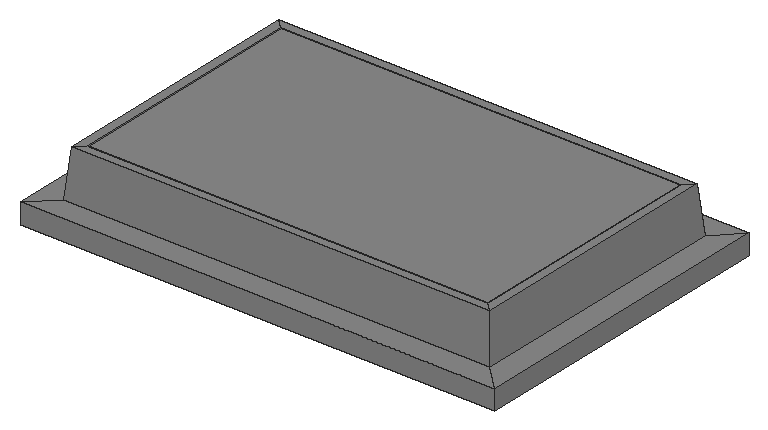
Revit family
Parameters (values of type "900 x 600mm")
  길이 = 900 mm
  폭 = 600 mm
Types (3, lengths in mm): name | 길이 | 폭
  (no name) | 900 | 600
  900 x 600mm | 900 | 600
  1200 x 900mm | 1200 | 900
Reference planes
  plane 1 "중심(앞/뒤)": y = 0
  plane 2: z = 0
  plane 3 "중심(왼쪽/오른쪽)": x = 0
  plane 4: y = 228.563
  plane 5: y = -228.562
  plane 6: y = 300
  plane 7: y = -300
  plane 8: x = -450
  plane 9: x = 450
  plane 10: x = -378.562
  plane 11: x = 378.563
  plane 12: x = 353.563
  plane 13: x = 25.4
  plane 14: x = -25.4
  plane 15: x = -353.562
  plane 16: y = 177.771
  plane 17: y = 126.979
  plane 18: y = 76.188
  plane 19: y = 25.396
  plane 20: y = -25.396
  plane 21: y = -76.187
  plane 22: y = -126.979
  plane 23: y = -177.771
  plane 24: y = -228.562
  plane 25: y = 228.562
Forms (mm)
  Sweep 1, solid, material "금속 - 페인트 마감 - 진회색, 무광"
    path origin (0, 0, 0) x (1, 0, 0) y (0, 1, 0)
      loop
        line (-450, 300) -> (-450, -300) -> (450, -300) -> (450, 300) -> (-450, 300)
    profile origin (0, 0, 0) x (0, 1, 0) y (0, 0, 1)
      loop
        line (300, 0) -> (300, 38.1) -> (253.803, 38.1) -> (246.025, 127) -> (228.563, 127) -> (228.563, 0) -> (300, 0)
  Extrusion 2, solid, material "금속 - 페인트 마감 - 진회색, 무광"
    sketch origin (378.563, -228.562, 127) x (-1, 0, 0) y (0, -1, 0)
      loop
        line (757.125, -457.125) -> (757.125, 0) -> (0, 0) -> (0, -457.125) -> (757.125, -457.125)
    from 0 to -44.45
Lines and regions (mm)
  model lines, style "유틸리티"
    curve 1: line (-353.562, 191.741, 127) -> (-25.4, 191.741, 127)
    curve 2: line (-353.562, 163.801, 127) -> (-353.562, 191.741, 127)
    curve 3: line (-25.4, 163.801, 127) -> (-353.562, 163.801, 127)
    curve 4: line (-25.4, 191.741, 127) -> (-25.4, 163.801, 127)
    curve 5: line (-353.562, 140.949, 127) -> (-25.4, 140.949, 127)
    curve 6: line (-353.562, 113.009, 127) -> (-353.562, 140.949, 127)
    curve 7: line (-25.4, 113.009, 127) -> (-353.562, 113.009, 127)
    curve 8: line (-25.4, 140.949, 127) -> (-25.4, 113.009, 127)
    curve 9: line (-353.562, 90.158, 127) -> (-25.4, 90.158, 127)
    curve 10: line (-353.562, 62.218, 127) -> (-353.562, 90.158, 127)
    curve 11: line (-25.4, 62.218, 127) -> (-353.562, 62.218, 127)
    curve 12: line (-25.4, 90.158, 127) -> (-25.4, 62.218, 127)
    curve 13: line (-353.562, 39.366, 127) -> (-25.4, 39.366, 127)
    curve 14: line (-353.562, 11.426, 127) -> (-353.562, 39.366, 127)
    curve 15: line (-25.4, 11.426, 127) -> (-353.562, 11.426, 127)
    curve 16: line (-25.4, 39.366, 127) -> (-25.4, 11.426, 127)
    curve 17: line (-353.562, -11.426, 127) -> (-25.4, -11.426, 127)
    curve 18: line (-353.562, -39.366, 127) -> (-353.562, -11.426, 127)
    curve 19: line (-25.4, -39.366, 127) -> (-353.562, -39.366, 127)
    curve 20: line (-25.4, -11.426, 127) -> (-25.4, -39.366, 127)
    curve 21: line (-353.562, -62.217, 127) -> (-25.4, -62.217, 127)
    curve 22: line (-353.562, -90.157, 127) -> (-353.562, -62.217, 127)
    curve 23: line (-25.4, -90.157, 127) -> (-353.562, -90.157, 127)
    curve 24: line (-25.4, -62.217, 127) -> (-25.4, -90.157, 127)
    curve 25: line (-353.562, -113.009, 127) -> (-25.4, -113.009, 127)
    curve 26: line (-353.562, -140.949, 127) -> (-353.562, -113.009, 127)
    curve 27: line (-25.4, -140.949, 127) -> (-353.562, -140.949, 127)
    curve 28: line (-25.4, -113.009, 127) -> (-25.4, -140.949, 127)
    curve 29: line (-353.562, -163.801, 127) -> (-25.4, -163.801, 127)
    curve 30: line (-353.562, -191.741, 127) -> (-353.562, -163.801, 127)
    curve 31: line (-25.4, -191.741, 127) -> (-353.562, -191.741, 127)
    curve 32: line (-25.4, -163.801, 127) -> (-25.4, -191.741, 127)
    curve 33: line (25.4, 191.741, 127) -> (353.563, 191.741, 127)
    curve 34: line (25.4, 163.801, 127) -> (25.4, 191.741, 127)
    curve 35: line (353.563, 163.801, 127) -> (25.4, 163.801, 127)
    curve 36: line (353.563, 191.741, 127) -> (353.563, 163.801, 127)
    curve 37: line (25.4, 140.949, 127) -> (353.563, 140.949, 127)
    curve 38: line (25.4, 113.009, 127) -> (25.4, 140.949, 127)
    curve 39: line (353.563, 113.009, 127) -> (25.4, 113.009, 127)
    curve 40: line (353.563, 140.949, 127) -> (353.563, 113.009, 127)
    curve 41: line (25.4, 90.158, 127) -> (353.563, 90.158, 127)
    curve 42: line (25.4, 62.218, 127) -> (25.4, 90.158, 127)
    curve 43: line (353.563, 62.218, 127) -> (25.4, 62.218, 127)
    curve 44: line (353.563, 90.158, 127) -> (353.563, 62.218, 127)
    curve 45: line (25.4, 39.366, 127) -> (353.563, 39.366, 127)
    curve 46: line (25.4, 11.426, 127) -> (25.4, 39.366, 127)
    curve 47: line (353.563, 11.426, 127) -> (25.4, 11.426, 127)
    curve 48: line (353.563, 39.366, 127) -> (353.563, 11.426, 127)
    curve 49: line (25.4, -11.426, 127) -> (353.563, -11.426, 127)
    curve 50: line (25.4, -39.366, 127) -> (25.4, -11.426, 127)
    curve 51: line (353.563, -39.366, 127) -> (25.4, -39.366, 127)
    curve 52: line (353.563, -11.426, 127) -> (353.563, -39.366, 127)
    curve 53: line (25.4, -62.217, 127) -> (353.563, -62.217, 127)
    curve 54: line (25.4, -90.157, 127) -> (25.4, -62.217, 127)
    curve 55: line (353.563, -90.157, 127) -> (25.4, -90.157, 127)
    curve 56: line (353.563, -62.217, 127) -> (353.563, -90.157, 127)
    curve 57: line (25.4, -113.009, 127) -> (353.563, -113.009, 127)
    curve 58: line (25.4, -140.949, 127) -> (25.4, -113.009, 127)
    curve 59: line (353.563, -140.949, 127) -> (25.4, -140.949, 127)
    curve 60: line (353.563, -113.009, 127) -> (353.563, -140.949, 127)
    curve 61: line (25.4, -163.801, 127) -> (353.563, -163.801, 127)
    curve 62: line (25.4, -191.741, 127) -> (25.4, -163.801, 127)
    curve 63: line (353.563, -191.741, 127) -> (25.4, -191.741, 127)
    curve 64: line (353.563, -163.801, 127) -> (353.563, -191.741, 127)
Dimensions and locks
  equal spacing: Sweep 1 sketch curve, plane 3 "중심(왼쪽/오른쪽)", Sweep 1 sketch curve
  "길이": Sweep 1 sketch curve to Sweep 1 sketch curve
  equal spacing: Sweep 1 sketch curve, plane 1 "중심(앞/뒤)", Sweep 1 sketch curve
  "폭": Sweep 1 sketch curve to Sweep 1 sketch curve
  equal spacing: plane 6, plane 1 "중심(앞/뒤)", plane 7
  "폭": plane 6 to plane 7
  locked: plane 6 to plane 4 at 71.437
  locked: plane 5 to plane 7 at 71.438
  "길이": plane 8 to plane 9
  equal spacing: plane 8, plane 3 "중심(왼쪽/오른쪽)", plane 9
  locked: plane 8 to plane 10 at 71.438
  locked: plane 11 to plane 9 at 71.437
  locked: plane 10 to plane 15 at 25
  plane 14 to plane 3 "중심(왼쪽/오른쪽)" to plane 13 = 25.4 mm locked, 25.4 mm locked
  locked: plane 12 to plane 11 at 25
  locked: plane 6 to plane 25 at 71.438
  locked: plane 24 to plane 7 at 71.438
  equal spacing: plane 25, plane 16, plane 17, plane 18, plane 19, plane 20, plane 21, plane 22, plane 23, plane 24
  curve 35 to plane 16 to curve 33 = 13.97 mm, 13.97 mm
  curve 39 to plane 17 to curve 37 = 13.97 mm, 13.97 mm
  curve 43 to plane 18 to curve 41 = 13.97 mm, 13.97 mm
  curve 47 to plane 19 to curve 45 = 13.97 mm, 13.97 mm
  curve 51 to plane 20 to curve 49 = 13.97 mm, 13.97 mm
  curve 55 to plane 21 to curve 53 = 13.97 mm, 13.97 mm
  curve 59 to plane 22 to curve 57 = 13.97 mm, 13.97 mm
  curve 63 to plane 23 to curve 61 = 13.97 mm, 13.97 mm
  curve 3 to plane 16 to curve 1 = 13.97 mm, 13.97 mm
  curve 7 to plane 17 to curve 5 = 13.97 mm, 13.97 mm
  curve 11 to plane 18 to curve 9 = 13.97 mm, 13.97 mm
  curve 15 to plane 19 to curve 13 = 13.97 mm, 13.97 mm
  curve 19 to plane 20 to curve 17 = 13.97 mm, 13.97 mm
  curve 23 to plane 21 to curve 21 = 13.97 mm, 13.97 mm
  curve 27 to plane 22 to curve 25 = 13.97 mm, 13.97 mm
  curve 31 to plane 23 to curve 29 = 13.97 mm, 13.97 mm
  aligned and locked: plane 4 to Sweep 1
  aligned and locked: plane 5 to Sweep 1
  aligned and locked: Extrusion 2 sketch curve to Sweep 1  (x2)
  aligned and locked: curve 36 to plane 12
  aligned and locked: curve 40 to plane 12
  aligned and locked: curve 44 to plane 12
  aligned and locked: curve 48 to plane 12
  aligned and locked: curve 52 to plane 12
  aligned and locked: curve 56 to plane 12
Automatic sketch dimensions
  Sweep 1 sketch curve to level = 0 mm
  Sweep 1 sketch curve to profile plane = 0 mm
  profile plane to Sweep 1 sketch curve = 46.197 mm
  profile plane to Sweep 1 sketch curve = 53.975 mm
  Sweep 1 sketch curve to Sweep 1 sketch curve = 17.463 mm
  level to Sweep 1 sketch curve = 38.1 mm
  Sweep 1 sketch curve to Sweep 1 sketch curve = 88.9 mm
  Extrusion 2 sketch curve to plane 5 = 0 mm
  Extrusion 2 sketch curve to plane 4 = 0 mm
  curve 1 to plane 15 = 0 mm
  curve 31 to plane 15 = 0 mm
  curve 5 to plane 15 = 0 mm
  curve 27 to plane 15 = 0 mm
  curve 9 to plane 15 = 0 mm
  curve 23 to plane 15 = 0 mm
  curve 13 to plane 15 = 0 mm
  curve 19 to plane 15 = 0 mm
  curve 16 to plane 14 = 0 mm
  curve 17 to plane 14 = 0 mm
  curve 12 to plane 14 = 0 mm
  curve 21 to plane 14 = 0 mm
  curve 8 to plane 14 = 0 mm
  curve 25 to plane 14 = 0 mm
  curve 4 to plane 14 = 0 mm
  curve 29 to plane 14 = 0 mm
  curve 33 to plane 13 = 0 mm
  curve 63 to plane 13 = 0 mm
  curve 37 to plane 13 = 0 mm
  curve 59 to plane 13 = 0 mm
  curve 41 to plane 13 = 0 mm
  curve 55 to plane 13 = 0 mm
  curve 45 to plane 13 = 0 mm
  curve 51 to plane 13 = 0 mm
  curve 57 to plane 12 = 0 mm
  curve 61 to plane 12 = 0 mm
